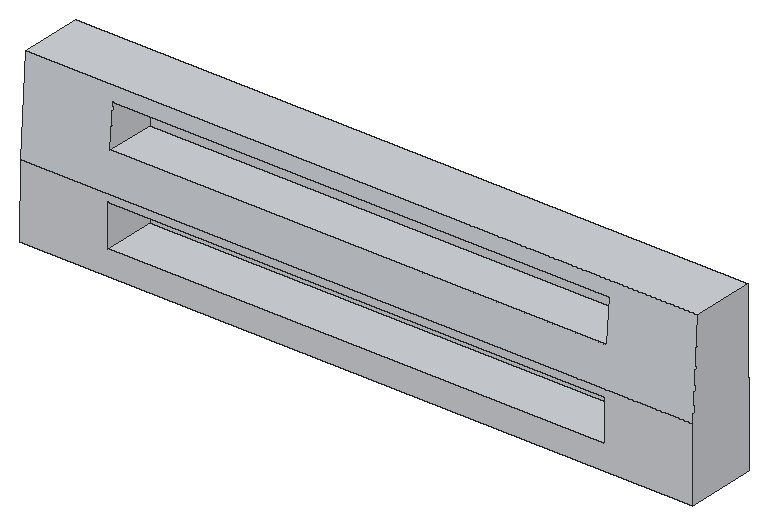
Revit family "M_Aquecedor - Rodapé", category Equipamento mecânico, Revit 2019
Family settings
  Cota do conector redondo = Utilizar diâmetro
  Tipo de parte = Normal
  Número OmniClass = 23.75.70.17.34
  Título OmniClass = Unit Heaters
  ID de item do Seek = Heater - Baseboard-0000-CAN-ENU
  Com base no plano de trabalho = Não
  Sempre na vertical = Sim
  Corte com vazios quando carregada = Não
  Compartilhado = Não
  Ponto de cálculo do ambiente = Não
Parameters (values of type "0.35 kW")
  Voltagem = 208 V
  Número de pólos = 3
  Classificação de carga = Aquecimento
  Material do aquecedor = none
  Comprimento do aquecedor = 610 mm
  Assembly Code = ""
  Seta [instance] = yes
  Carga aparente = 350 VA
Types (9, lengths in mm): name | Comprimento do aquecedor | Carga aparente
  0.35 kW | 610 | 350 VA
  0.5 kW | 762 | 500 VA
  0.375 kW | 762 | 375 VA
  0.75 kW | 914 | 750 VA
  1 kW | 1219 | 1000 VA
  1.25 kW | 1524 | 1250 VA
  1.5 kW | 1829 | 1500 VA
  2 kW | 2438 | 2000 VA
  2.5 kW | 2438 | 2500 VA
Reference planes
  plane 1 "Centro (Frente/Trás)": y = 0
  plane 2: z = 0
  plane 3 "Centro (Esquerda/Direita)": x = 0
  plane 4: x = 610
  plane 5: z = 22.225
  plane 6: z = 60.325
  plane 7: y = -15.875
  plane 8: z = 139.7
  plane 9: z = 101.6
  plane 10: x = 79.375
  plane 11: x = 530.625
  plane 12: x = 305
  plane 13: x = 279.6
  plane 14: x = 330.4
  plane 15: y = -114.3
  plane 16: y = -215.9
  plane 17: y = -228.6
  plane 18: y = -228.6
  plane 19: y = -254
  plane 20: y = -266.7
  plane 21: y = -368.3
  plane 22: y = -495.3
  plane 23: z = 31.75
  plane 24: y = -31.75
  plane 25: x = 343.1
  plane 26: x = 266.9
  plane 27: z = 66.675
Forms (mm)
  Extrusion 1, solid, material <- "Material do aquecedor", detail levels fine
    sketch origin (0, 0, 0) x (0, 1, 0) y (0, 0, 1)
      loop
        line (0, 0) -> (0, 152.4) -> (-57.15, 152.4) -> (-63.5, 66.675) -> (-63.5, 0) -> (0, 0)
    from 0 to 610
  Extrusion 2, void, detail levels fine
    sketch origin (0, 0, 0) x (0, 1, 0) y (0, 0, 1)
      loop
        line (-15.875, 139.7) -> (-63.5, 139.7) -> (-63.5, 101.6) -> (-15.875, 101.6) -> (-15.875, 139.7)
      loop
        line (-15.875, 60.325) -> (-63.5, 60.325) -> (-63.5, 22.225) -> (-15.875, 22.225) -> (-15.875, 60.325)
    from 79.375 to 530.625
  Extrusion 3, solid, detail levels fine
    sketch origin (0, 0, 0) x (0, 1, 0) y (0, 0, 1)
      loop
        circle (-31.75, 31.75) r 5.08
    from 0 to 11.177
  Extrusion 4, solid, detail levels coarse+medium
    sketch origin (0, 0, 0) x (1, 0, 0) y (0, 1, 0)
      loop
        line (0, 0) -> (0, -63.5) -> (610, -63.5) -> (610, 0) -> (0, 0)
    from 0 to 152.4
Cuts and joins
  Extrusion 2 cuts Extrusion 1
Lines and regions (mm)
  symbolic lines, detail levels fine
    curve 1: line (0, -57.15, 0) -> (610, -57.15, 0)
  symbolic lines, visible <- "Seta", detail levels coarse+medium
    curve 2: line (305, -114.3, 66.675) -> (305, -215.9, 66.675)
    curve 3: line (343.1, -228.6, 66.675) -> (266.9, -254, 66.675)
    curve 4: line (305, -266.7, 66.675) -> (305, -368.3, 66.675)
    curve 5: line (279.6, -368.3, 66.675) -> (330.4, -368.3, 66.675)
    curve 6: line (330.4, -368.3, 66.675) -> (305, -495.3, 66.675)
    curve 7: line (279.6, -368.3, 66.675) -> (305, -495.3, 66.675)
    curve 8: line (343.1, -228.6, 66.675) -> (305, -215.9, 66.675)
    curve 9: line (266.9, -254, 66.675) -> (305, -266.7, 66.675)
Dimensions and locks
  "Comprimento do aquecedor": plane 4 to plane 3 "Centro (Esquerda/Direita)"
  locked: plane 10 to plane 3 "Centro (Esquerda/Direita)" at 79.375
  locked: plane 4 to plane 11 at 79.375
  equal spacing: plane 3 "Centro (Esquerda/Direita)", plane 12, plane 4
  plane 20 to plane 21 = 101.6 mm
  plane 15 to plane 16 = 101.6 mm
  plane 16 to plane 18 = 12.7 mm
  plane 18 to plane 19 = 25.4 mm
  plane 19 to plane 20 = 12.7 mm
  locked: plane 23 to level at 31.75
  locked: plane 1 "Centro (Frente/Trás)" to plane 24 at 31.75
  plane 13 to plane 14 = 50.8 mm
  equal spacing: plane 13, plane 12, plane 14
  plane 26 to plane 25 = 76.2 mm
  equal spacing: plane 26, plane 12, plane 25
  locked: cut or joined group of Extrusion 1, Extrusion 2 to Extrusion 4 sketch curve at 63.5
  locked: plane 27 to plane 2 at 66.675
  aligned and locked: Extrusion 1 to plane 3 "Centro (Esquerda/Direita)"
  aligned and locked: plane 4 to Extrusion 1
  aligned and locked: Extrusion 2 sketch curve to plane 7
  aligned and locked: Extrusion 2 sketch curve to plane 9
  aligned and locked: plane 8 to Extrusion 2 sketch curve
  aligned and locked: plane 7 to Extrusion 2 sketch curve
  aligned and locked: plane 6 to Extrusion 2 sketch curve
  aligned and locked: plane 5 to Extrusion 2 sketch curve
  aligned and locked: cut or joined group of Extrusion 1, Extrusion 2 to Extrusion 2 sketch curve
  aligned and locked: Extrusion 1 to Extrusion 2
  aligned and locked: Extrusion 2 to plane 10
  aligned and locked: plane 11 to Extrusion 2
  aligned and locked: curve 1 to cut or joined group of Extrusion 1, Extrusion 2
  aligned and locked: plane 24 to Extrusion 3 sketch curve
  aligned and locked: plane 23 to Extrusion 3 sketch curve
  aligned and locked: plane 3 "Centro (Esquerda/Direita)" to Extrusion 4 sketch curve
  aligned and locked: Extrusion 4 sketch curve to plane 4
  aligned and locked: plane 1 "Centro (Frente/Trás)" to Extrusion 4 sketch curve
  aligned and locked: Extrusion 4 to cut or joined group of Extrusion 1, Extrusion 2
  aligned and locked: Extrusion 4 to plane 2
Automatic sketch dimensions
  Extrusion 1 sketch curve to level = 0 mm
  Extrusion 1 sketch curve to plane 1 "Centro (Frente/Trás)" = 0 mm
  plane 1 "Centro (Frente/Trás)" to Extrusion 1 sketch curve = 57.15 mm
  plane 1 "Centro (Frente/Trás)" to Extrusion 1 sketch curve = 63.5 mm
  Extrusion 1 sketch curve to Extrusion 1 sketch curve = 66.675 mm
  Extrusion 1 sketch curve to Extrusion 1 sketch curve = 85.725 mm
  plane 7 to Extrusion 2 sketch curve = 47.625 mm
  curve 1 to plane 3 "Centro (Esquerda/Direita)" = 0 mm
  curve 1 to plane 4 = 0 mm
  curve 7 to plane 12 = 0 mm
  curve 7 to plane 22 = 0 mm
  curve 7 to plane 13 = 0 mm
  curve 7 to plane 21 = 0 mm
  curve 4 to plane 20 = 0 mm
  curve 9 to plane 12 = 0 mm
  curve 3 to plane 19 = 0 mm
  curve 8 to plane 17 = 0 mm
  curve 8 to plane 12 = 0 mm
  curve 8 to plane 16 = 0 mm
  curve 2 to plane 15 = 0 mm
  curve 3 to plane 25 = 0 mm
  curve 5 to plane 14 = 0 mm
  curve 3 to plane 26 = 0 mm
  radius of Extrusion 3 sketch curve = 5.08 mm
Connectors
  electrical at (0, -31.75, 31.75), driven by "Voltagem", driven by "Número de pólos", driven by "Carga aparente", driven by "Classificação de carga"
    settings: on Extrusion 3, index 1, voltage 208 V, apparent load 350 VA, apparent load phase1 0 VA, apparent load phase2 0 VA, apparent load phase3 0 VA, power factor 0.8, load classification "Aquecimento", number of poles 3, system type 30, power factor state 1, is connector primary yes, connector utility no, sub classification motor no, connector description ""
